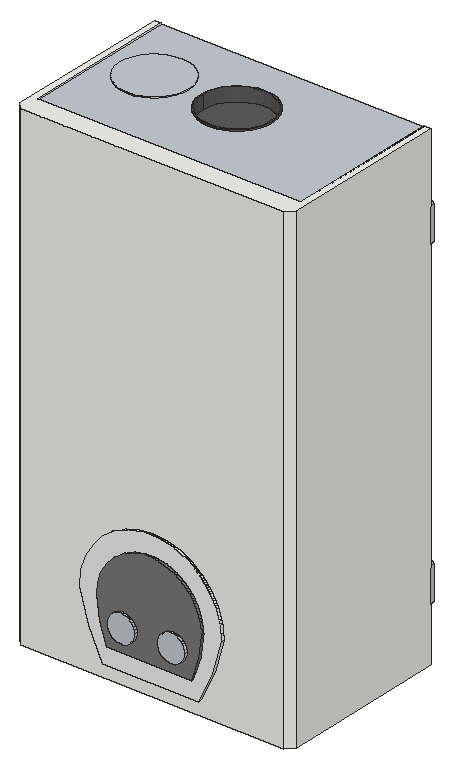
Revit family "Котел газовый настенный_Eco Light_FedericaBugatti_R20", category Оборудование, Revit 2020
Family settings
  Размер круглого соединителя = Использовать диаметр
  Классификация = Нет
  Тип детали = Нормальный
  На основе рабочей плоскости = Нет
  Всегда вертикально = Да
  При загрузке вырезать с полостями = Нет
  Общий = Нет
  Точка расчета площади = Да
Parameters (values of type "EcoLightДвухконтурный_12")
  ПанельУправления_Толщина = 10 mm
  Материал_Крепление_Настенное = ADSK_Металл_Сталь нержавеющая
  Материал_Дымоход = ADSK_Металл_Окрашенный_Черный темный
  Материал_Дисплей_Контур = ADSK_Полимеры_Пластик белый
  Материал_Дисплей = ADSK_Полимеры_Пластик черный
  Патрубки_Высота = 10 mm  # constant formula
  Отметка по умолчанию = 0 mm
  Материал_Патрубки = ADSK_Металл_Сталь оцинкованная
  Материал_Корпус = ADSK_Металл_Сталь оцинкованная
  Материал_ВнешняяСтенка = RAL 9010 Белый
  Крепление_Толщина [instance] = 5 mm
  Крепление_Видимость [instance] = Крепление_Толщина > 0.9 mm  # yes
  Дымоход_Высота2 = 0 mm
  L8 = 255 mm
  Котел_Отступ_От_Стены [instance] = if(Крепление_Толщина < 1 mm, 0 mm, Крепление_Толщина)  # 5 mm
  Дымоход_Диаметр_100 [instance] = yes
  Дымоход_Диаметр [instance] = ADSK_Размер_Диаметр + 3 mm  # 103 mm
  L6 = 95 mm
  L5 = 75 mm
  L4 = 55 mm
  L3 = 65 mm
  L2 = 65 mm
  L12 = 100 mm
  L11 = 75 mm
  L10 = 200 mm
  L1 = 48 mm
  ADSK_Расход жидкости [instance] = 0.0 L/s
  ADSK_Размер_Ширина = L8 + ПанельУправления_Толщина  # 265 mm
  ADSK_Размер_Диаметр [instance] = if(Дымоход_Диаметр_100, 100 mm, 60 mm)  # 100 mm
  ADSK_Размер_Глубина = L1 + L2 + L3 + L4 + L5 + L6  # 403 mm
  ADSK_Размер_Высота = 700 mm
  ADSK_Примечание [instance] = ""
  ADSK_Полная мощность = ADSK_Номинальная мощность / ADSK_Коэффициент мощности  # 12000 VA
  ADSK_Позиция [instance] = ""
  ADSK_Обозначение = ""
  ADSK_Номинальная мощность = 12000 W
  ADSK_Напряжение = 230 V  # constant formula
  ADSK_Наименование = "Котел газовый настенный двухконтурный Eco Light 12кВт"
  ADSK_Масса_Текст = "26"
  ADSK_Масса = 26
  ADSK_Марка = "Eco Light 12кВт"
  ADSK_Коэффициент мощности = 1  # constant formula
  ADSK_Количество фаз = 1
  ADSK_Количество = 1  # constant formula
  ADSK_Код изделия = ""
  ADSK_Классификация нагрузок = Прочее
  ADSK_Завод-изготовитель = "Federica Bugatti"  # constant formula
  ADSK_Единица измерения = "шт"  # constant formula
Types (7, lengths in mm): name | ПанельУправления_Толщина | Крепление_Толщина | Дымоход_Высота2 | L8 | Котел_Отступ_От_Стены | L6 | L4 | L3 | L12 | L11 | L10 | L1 | ADSK_Размер_Ширина | ADSK_Размер_Глубина | ADSK_Размер_Высота | ADSK_Полная мощность | ADSK_Номинальная мощность | ADSK_Наименование | ADSK_Масса_Текст | ADSK_Масса | ADSK_Марка
  (no name) | 10 | 5 | 0 | 255 | 5 | 95 | 55 | 65 | 100 | 75 | 200 | 48 | 265 | 403 | 700 | 12000 VA | 12000 W | "Котел газовый настенный двухконтурный Eco Light 12кВт" | "26" | 26 | "Eco Light 12кВт"
  EcoLightДвухконтурный_12 | 10 | 5 | 0 | 255 | 5 | 95 | 55 | 65 | 100 | 75 | 200 | 48 | 265 | 403 | 700 | 12000 VA | 12000 W | "Котел газовый настенный двухконтурный Eco Light 12кВт" | "26" | 26 | "Eco Light 12кВт"
  EcoLightДвухконтурный_18 | 10 | 10 | 0 | 255 | 10 | 95 | 55 | 65 | 100 | 75 | 200 | 48 | 265 | 403 | 700 | 18000 VA | 18000 W | "Котел газовый настенный двухконтурный Eco Light 18кВт" | "29" | 29 | "Eco Light 18кВт"
  EcoLightДвухконтурный_24 | 10 | 10 | 0 | 255 | 10 | 95 | 55 | 65 | 100 | 75 | 200 | 48 | 265 | 403 | 700 | 24000 VA | 24000 W | "Котел газовый настенный двухконтурный Eco Light 24кВт" | "29" | 29 | "Eco Light 24кВт"
  EcoLightДвухконтурный_32 | 6 | 10 | 5 | 344 | 10 | 63 | 59 | 61 | 145 | 137 | 226 | 127 | 350 | 450 | 725 | 32000 VA | 32000 W | "Котел газовый настенный двухконтурный Eco Light 32кВт" | "33" | 33 | "Eco Light 32кВт"
  EcoLightОдноконтурный_24 | 10 | 10 | 0 | 255 | 10 | 95 | 55 | 65 | 100 | 75 | 200 | 48 | 265 | 403 | 700 | 24000 VA | 24000 W | "Котел газовый настенный одноконтурный Eco Light 24кВт" | "29" | 29 | "Eco Light 24кВт"
  EcoLightОдноконтурный_32 | 6 | 10 | 5 | 344 | 10 | 63 | 59 | 61 | 145 | 137 | 226 | 127 | 350 | 450 | 725 | 32000 VA | 32000 W | "Котел газовый настенный одноконтурный Eco Light 32кВт" | "33" | 33 | "Eco Light 32кВт"
Reference planes
  plane 1 "По центру (Вперед/Назад)": y = 0
  plane 2: z = 0
  plane 3 "По центру (Влево/Вправо)": x = 0
  plane 4: y = -5
  plane 5: x = -201.5
  plane 6: x = 201.5
  plane 7: z = 710
  plane 8: z = 610
  plane 9: z = 10
  plane 10: y = -137.167
  plane 11: y = -260
  plane 12: z = 690
  plane 13: x = -191.5
  plane 14: x = 191.5
  plane 15: z = 30
  plane 16: y = -263.333
  plane 17: y = -230
  plane 18: z = 709
  plane 19: z = 685
  plane 20: z = 110
  plane 21: y = -105
  plane 22: x = -121.5
  plane 23: x = -1.5
  plane 24: y = -270
  plane 25: y = -93.4
  plane 26: x = -153.5
  plane 27: x = -88.5
  plane 28: x = -23.5
  plane 29: x = 31.5
  plane 30: x = 106.5
  plane 31: y = -80
  plane 32: y = -266.667
  plane 33: z = 710
Forms (mm)
  Extrusion 1, void
    sketch origin (0, 0, 0) x (1, 0, 0) y (0, 1, 0)
      loop
        circle (-1.5, -105) r 50
    from 690 to 710
  Extrusion 2, solid, material "RAL 9010 Белый" <- "Материал_ВнешняяСтенка"
    sketch origin (0, 0, 0) x (1, 0, 0) y (0, 1, 0)
      loop
        line (-191.5, -260) -> (191.5, -260) -> (201.5, -250) -> (201.5, -5) -> (191.5, -5) -> (191.5, -230) -> (-191.5, -230) -> (-191.5, -5) -> (-201.5, -5) -> (-201.5, -250) -> (-191.5, -260)
    from 10 to 710
  Extrusion 3, solid, material "ADSK_Полимеры_Пластик белый" <- "Материал_Дисплей_Контур"
    sketch origin (0, 0, 0) x (1, 0, 0) y (0, 0, 1)
      loop
        line (-70, 30) -> (70, 30)
        arc (70, 30) -> (90.664, 73.552) -> (103.561, 120) r 280.33
        arc (103.561, 120) -> (0, 223.561) -> (-103.561, 120) r 103.561
        arc (-103.561, 120) -> (-90.664, 73.552) -> (-70, 30) r 280.33
    from 260 to 263.333
  Extrusion 4, solid, material "ADSK_Полимеры_Пластик черный" <- "Материал_Дисплей"
    sketch origin (0, 0, 0) x (1, 0, 0) y (0, 0, 1)
      loop
        line (-61.686, 55.9) -> (61.686, 55.9)
        arc (61.686, 55.9) -> (72.172, 87.237) -> (76.479, 120) r 172.207
        arc (76.479, 120) -> (0, 196.479) -> (-76.479, 120) r 76.479
        arc (-76.479, 120) -> (-72.172, 87.237) -> (-61.686, 55.9) r 172.207
    from 263.333 to 266.667
  Extrusion 5, solid, material "ADSK_Металл_Сталь оцинкованная" <- "Материал_Корпус"
    sketch origin (0, 0, 0) x (1, 0, 0) y (0, 1, 0)
      loop
        line (-191.5, -5) -> (-191.5, -230) -> (191.5, -230) -> (191.5, -5) -> (-191.5, -5)
    from 10 to 709
  Extrusion 6, solid, material "ADSK_Металл_Окрашенный_Черный темный" <- "Материал_Дымоход"
    sketch origin (0, 0, 0) x (1, 0, 0) y (0, 1, 0)
      loop
        circle (-1.5, -105) r 51.5
    from 685 to 710
  Extrusion 7, void
    sketch origin (45, 0, 0) x (1, 0, 0) y (0, 1, 0)
      loop
        circle (-46.5, -105) r 51.5
    from 685 to 826.9
  Extrusion 8, solid, material "ADSK_Металл_Сталь оцинкованная" <- "Материал_Корпус"
    sketch origin (0, 0, 0) x (1, 0, 0) y (0, 0, 1)
      loop
        circle (0, 110) r 1.5
    from 5 to 8
  Extrusion 9, solid, material "ADSK_Металл_Сталь оцинкованная" <- "Материал_Корпус"
    sketch origin (0, 0, 0) x (1, 0, 0) y (0, 1, 0)
      loop
        circle (-121.5, -105) r 50
    from 709 to 710
  Extrusion 10, solid, material "ADSK_Металл_Сталь оцинкованная" <- "Материал_Корпус"
    sketch origin (0, 0, 0) x (1, 0, 0) y (0, 0, 1)
      loop
        circle (-38, 90) r 20
      loop
        circle (35, 90) r 20
    from 270 to 266.667
  Extrusion 11, solid, material "ADSK_Металл_Сталь оцинкованная" <- "Материал_Патрубки"
    sketch origin (0, 0, 0) x (1, 0, 0) y (0, 1, 0)
      loop
        circle (-153.5, -93.4) r 13.4
      loop
        circle (-88.5, -93.4) r 10.65
      loop
        circle (-23.5, -93.4) r 13.4
      loop
        circle (31.5, -93.4) r 10.65
      loop
        circle (106.5, -93.4) r 13.4
      loop
        circle (51.5, -93.4) r 5
    from 0 to 10
Cuts and joins
  Extrusion 1 cuts Extrusion 2
  Extrusion 7 cuts Extrusion 5
  Extrusion 1 cuts Extrusion 6
Dimensions and locks
  equal spacing: plane 5, plane 3 "По центру (Влево/Вправо)", plane 6
  "ADSK_Размер_Глубина": plane 5 to plane 6
  "Патрубки_Высота": plane 9 to plane 2
  plane 4 to plane 10 = 132.167 mm
  "Котел_Отступ_От_Стены": plane 4 to plane 1 "По центру (Вперед/Назад)"
  locked: plane 7 to plane 12 at 20
  locked: plane 5 to plane 13 at 10
  locked: plane 14 to plane 6 at 10
  locked: plane 5 to Extrusion 2 sketch curve at 10
  locked: Extrusion 2 sketch curve to plane 6 at 10
  locked: plane 11 to Extrusion 2 sketch curve at 10  (x2)
  locked: plane 15 to plane 9 at 20
  locked: plane 11 to plane 17 at 30
  plane 7 to plane 18 = 1 mm
  locked: plane 18 to plane 12 at 19
  locked: plane 12 to plane 19 at 5
  "L8": plane 4 to plane 11
  plane 20 to plane 9 = 100 mm
  locked: plane 20 to plane 9 at 100
  locked: plane 13 to plane 22 at 70
  "L12": plane 4 to plane 21
  "L10": plane 5 to plane 23
  locked: Extrusion 10 sketch curve to Extrusion 4 at 34.1  (x2)
  locked: plane 23 to Extrusion 10 sketch curve at 36.5
  locked: Extrusion 10 sketch curve to plane 23 at 36.5
  "L1": plane 5 to plane 26
  "L2": plane 26 to plane 27
  "L3": plane 27 to plane 28
  "L4": plane 28 to plane 29
  "L5": plane 29 to plane 30
  plane 30 to plane 6 = 95 mm
  locked: plane 29 to Extrusion 11 sketch curve at 20
  locked: plane 25 to plane 31 at 13.4
  "L11": plane 4 to plane 31
  locked: plane 4 to Extrusion 8 at 3
  "ADSK_Размер_Высота": plane 7 to plane 9
  locked: plane 7 to plane 8 at 100
  "ADSK_Размер_Ширина": plane 4 to plane 24
  equal spacing: plane 11, plane 16, plane 32, plane 24
  "Дымоход_Высота2": plane 33 to plane 7
  "ADSK_Размер_Диаметр": diameter of Extrusion 1 sketch curve
  "Дымоход_Диаметр": diameter of Extrusion 6 sketch curve
  "Дымоход_Диаметр": diameter of Extrusion 7 sketch curve
  diameter of Extrusion 8 sketch curve = 3 mm
  diameter of Extrusion 11 sketch curve = 26.8 mm  (x3)
  diameter of Extrusion 11 sketch curve = 21.3 mm  (x2)
  diameter of Extrusion 11 sketch curve = 10 mm
  aligned and locked: level to plane 2
  aligned and locked: Extrusion 2 sketch curve to plane 5
  aligned and locked: Extrusion 2 sketch curve to plane 6
  aligned and locked: plane 11 to Extrusion 2 sketch curve
  aligned and locked: plane 7 to Extrusion 2
  aligned and locked: Extrusion 2 to plane 9
  aligned and locked: plane 12 to Extrusion 1
  aligned and locked: plane 15 to Extrusion 3 sketch curve
  aligned and locked: Extrusion 3 to plane 11
  aligned and locked: Extrusion 3 to plane 16
  aligned and locked: plane 13 to Extrusion 2 sketch curve
  aligned and locked: Extrusion 2 sketch curve to plane 14
  aligned and locked: plane 17 to Extrusion 2 sketch curve
  aligned and locked: Extrusion 2 sketch curve to plane 4
  aligned and locked: plane 4 to Extrusion 2 sketch curve
  aligned and locked: Extrusion 5 sketch curve to plane 13
  aligned and locked: Extrusion 5 sketch curve to plane 4
  aligned and locked: Extrusion 5 sketch curve to plane 14
  aligned and locked: Extrusion 5 sketch curve to plane 17
  aligned and locked: Extrusion 5 to plane 9
  aligned and locked: Extrusion 5 to plane 18
  aligned and locked: plane 12 to cut or joined group of Extrusion 1, Extrusion 6  (x4)
  aligned and locked: cut or joined group of Extrusion 5, Extrusion 7 to plane 18
  aligned and locked: cut or joined group of Extrusion 1, Extrusion 6 to plane 19
  aligned and locked: cut or joined group of Extrusion 5, Extrusion 7 to plane 19
  aligned and locked: plane 8 to nested 1
  aligned and locked: nested 1 to plane 3 "По центру (Влево/Вправо)"
  aligned and locked: plane 20 to Extrusion 8 sketch curve
  aligned and locked: plane 3 "По центру (Влево/Вправо)" to Extrusion 8 sketch curve
  aligned and locked: plane 4 to Extrusion 8
  aligned and locked: plane 21 to Extrusion 7 sketch curve
  aligned and locked: plane 21 to Extrusion 6 sketch curve
  aligned and locked: plane 21 to Extrusion 1 sketch curve
  aligned and locked: plane 21 to Extrusion 9 sketch curve
  aligned and locked: plane 22 to Extrusion 9 sketch curve
  aligned and locked: plane 18 to Extrusion 9
  aligned and locked: plane 7 to Extrusion 9
  aligned and locked: plane 23 to Extrusion 7 sketch curve
  aligned and locked: plane 23 to Extrusion 6 sketch curve
  aligned and locked: plane 23 to Extrusion 1 sketch curve
  aligned and locked: plane 25 to Extrusion 11 sketch curve  (x6)
  aligned and locked: plane 30 to Extrusion 11 sketch curve
  aligned and locked: plane 29 to Extrusion 11 sketch curve
  aligned and locked: plane 28 to Extrusion 11 sketch curve
  aligned and locked: plane 27 to Extrusion 11 sketch curve
  aligned and locked: plane 26 to Extrusion 11 sketch curve
  aligned and locked: Extrusion 11 to plane 2
  aligned and locked: plane 9 to Extrusion 11
  aligned and locked: Extrusion 10 to plane 24
  aligned and locked: plane 11 to Extrusion 3
  aligned and locked: plane 16 to Extrusion 3
  aligned and locked: plane 16 to Extrusion 4
  aligned and locked: plane 32 to Extrusion 4
  aligned and locked: Extrusion 10 to plane 32
  aligned and locked: plane 24 to Extrusion 10
  aligned and locked: cut or joined group of Extrusion 1, Extrusion 6 to plane 33
  aligned and locked: cut or joined group of Extrusion 1, Extrusion 6 to Extrusion 1
Automatic sketch dimensions
  Extrusion 4 sketch curve to plane 3 "По центру (Влево/Вправо)" = 0 mm
  Extrusion 4 sketch curve to plane 15 = 25.9 mm
  Extrusion 3 sketch curve to plane 3 "По центру (Влево/Вправо)" = 0 mm
  Extrusion 3 sketch curve to plane 13 = 19.503 mm
  plane 3 "По центру (Влево/Вправо)" to Extrusion 4 sketch curve = 61.686 mm
  Extrusion 4 sketch curve to plane 14 = 95.875 mm
  Extrusion 3 sketch curve to plane 3 "По центру (Влево/Вправо)" = 70 mm
  Extrusion 4 sketch curve to plane 3 "По центру (Влево/Вправо)" = 61.686 mm
  plane 3 "По центру (Влево/Вправо)" to Extrusion 3 sketch curve = 70 mm
  plane 20 to Extrusion 3 sketch curve = 10 mm
  plane 20 to Extrusion 4 sketch curve = 15.959 mm
  Extrusion 4 sketch curve to plane 13 = 95.875 mm
  plane 20 to Extrusion 4 sketch curve = 10 mm
  Extrusion 3 sketch curve to plane 14 = 19.503 mm
  plane 20 to Extrusion 3 sketch curve = 61.499 mm
  radius of Extrusion 9 sketch curve = 50 mm
  radius of Extrusion 10 sketch curve = 20 mm  (x2)
Nested families
  nested 1: "Крепление настенное_R20" at (0, -5, 610) x (-1, 0, 0) z (0, 1, 0), ADSK_Материал <- "Материал_Крепление_Настенное", Крепление_Ширина <- "ADSK_Размер_Глубина", Крепление_Толщина <- "Крепление_Толщина", visible <- "Крепление_Видимость", type "Крепление"
    with Крепление_Ширина 403 mm, Крепление_Толщина2 5 mm, Крепление_Толщина 5 mm, ADSK_Материал ADSK_Металл_Сталь нержавеющая
Connectors
  piping at (-1.5, -105, 710), diameter 100, driven by "ADSK_Размер_Диаметр"
    settings: on Extrusion 1, index 8, connector inside diameter 609.6 mm, connector length 0 mm, flow factor 0, pipe flow 0.0 L/s, pressure drop 0.0 Pa, fitting loss kfactor 0, connector angle 0.00°, fixture units 0, engagement length 0 mm, angle of deflection 0.00°, flow configuration 0, flow direction 2, fitting loss method 0, system type 22, joint type 0, gender type 0, connector reference index -1, connector utility 0, adjustable connector no, is connector primary no, connector description "Дымоход"
  electrical at (0, -5, 110), driven by "ADSK_Напряжение", driven by "ADSK_Классификация нагрузок", driven by "ADSK_Полная мощность", driven by "ADSK_Коэффициент мощности", driven by "ADSK_Количество фаз"
    settings: on Extrusion 8, index 9, voltage 230 V, apparent load 12000 VA, apparent load phase1 0 VA, apparent load phase2 0 VA, apparent load phase3 0 VA, power factor 1, load classification "Прочее", number of poles 1, system type 30, power factor state 1, is connector primary yes, connector utility no, sub classification motor no, connector description ""
  piping at (-153.5, -93.4, 0), diameter 20
    settings: on Extrusion 11, index 10, connector inside diameter 609.6 mm, connector length 0 mm, flow factor 0, pipe flow 0.0 L/s, pressure drop 0.0 Pa, fitting loss kfactor 0, connector angle 0.00°, fixture units 0, engagement length 0 mm, angle of deflection 0.00°, flow configuration 0, flow direction 2, fitting loss method 0, system type 29, joint type 0, gender type 0, connector reference index 15, connector utility 0, adjustable connector no, is connector primary no, connector description "Выход подающей линии отопления"
  piping at (-88.5, -93.4, 0), diameter 15, driven by "ADSK_Расход жидкости"
    settings: on Extrusion 11, index 11, connector inside diameter 609.6 mm, connector length 0 mm, flow factor 0, pipe flow 0.0 L/s, pressure drop 0.0 Pa, fitting loss kfactor 0, connector angle 0.00°, fixture units 0, engagement length 0 mm, angle of deflection 0.00°, flow configuration 0, flow direction 2, fitting loss method 0, system type 29, joint type 0, gender type 0, connector reference index 13, connector utility 0, adjustable connector no, is connector primary no, connector description "Выход подающей линии на бойлер / Выход ГВС"
  piping at (-23.5, -93.4, 0), diameter 20
    settings: on Extrusion 11, index 12, connector inside diameter 609.6 mm, connector length 0 mm, flow factor 0, pipe flow 0.0 L/s, pressure drop 0.0 Pa, fitting loss kfactor 0, connector angle 0.00°, fixture units 0, engagement length 0 mm, angle of deflection 0.00°, flow configuration 0, flow direction 1, fitting loss method 0, system type 29, joint type 0, gender type 0, connector reference index -1, connector utility 0, adjustable connector no, is connector primary no, connector description "Вход газа"
  piping at (31.5, -93.4, 0), diameter 15, driven by "ADSK_Расход жидкости"
    settings: on Extrusion 11, index 13, connector inside diameter 609.6 mm, connector length 0 mm, flow factor 0, pipe flow 0.0 L/s, pressure drop 0.0 Pa, fitting loss kfactor 0, connector angle 0.00°, fixture units 0, engagement length 0 mm, angle of deflection 0.00°, flow configuration 0, flow direction 1, fitting loss method 0, system type 29, joint type 0, gender type 0, connector reference index 11, connector utility 0, adjustable connector no, is connector primary yes, connector description "Вход обратной линии от бойлера / Вход ХВС"
  piping at (106.5, -93.4, 0), diameter 20
    settings: on Extrusion 11, index 15, connector inside diameter 609.6 mm, connector length 0 mm, flow factor 0, pipe flow 0.0 L/s, pressure drop 0.0 Pa, fitting loss kfactor 0, connector angle 0.00°, fixture units 0, engagement length 0 mm, angle of deflection 0.00°, flow configuration 0, flow direction 1, fitting loss method 0, system type 29, joint type 0, gender type 0, connector reference index 10, connector utility 0, adjustable connector no, is connector primary no, connector description "Вход обратной линии отопления"
Definition of nested family "Крепление настенное_R20"
  Parameters (values of type "Крепление")
    Default Elevation = 1219.2 mm
    Крепление_Ширина [instance] = 400 mm
    Крепление_Толщина2 [instance] = if(Крепление_Толщина < 1 mm, 1 mm, Крепление_Толщина)  # 10 mm
    Крепление_Толщина [instance] = 10 mm
    ADSK_Материал [instance] = none
  Reference planes
    plane 1 "По центру (Вперед/Назад)": y = 0
    plane 2: z = 0
    plane 3 "По центру (Влево/Вправо)": x = 0
    plane 4: z = 10
    plane 5: x = 190
    plane 6: x = -190
    plane 7: y = -550
    plane 8: y = 50
    plane 9: x = -200
    plane 10: x = 200
    plane 11: y = 15
    plane 12: y = -15
    plane 13: x = -160
    plane 14: x = 160
    plane 15: y = -50
    plane 16: y = -470
    plane 17: y = -520
    plane 18: x = -175
    plane 19: x = 175
  Forms (mm)
    Extrusion 1, solid
      sketch origin (0, 0, 0) x (1, 0, 0) y (0, 1, 0)
        loop
          line (-1219.2, 1219.2) -> (-1219.2, -1219.2) -> (1219.2, -1219.2) -> (1219.2, 1219.2) -> (-1219.2, 1219.2)
      from 0 to -304.8
    Extrusion 2, solid, material <- "ADSK_Материал"
      sketch origin (0, 0, 0) x (1, 0, 0) y (0, 1, 0)
        loop
          line (-160, 50) -> (-190, 50) -> (-190, 10) -> (-200, 0) -> (-200, -50) -> (-190, -60) -> (-190, -460) -> (-200, -470) -> (-200, -520) -> (-190, -530) -> (-190, -550) -> (-160, -550) -> (-160, -15) -> (160, -15) -> (160, -550) -> (190, -550) -> (190, -530) -> (200, -520) -> (200, -470) -> (190, -460) -> (190, -60) -> (200, -50) -> (200, 0) -> (190, 10) -> (190, 50) -> (160, 50) -> (160, 15) -> (-160, 15) -> (-160, 50)
        loop
          arc (-178, -515.04) -> (-175, -518.04) -> (-172, -515.04) r 3
          line (-172, -515.04) -> (-172, -474.96)
          arc (-172, -474.96) -> (-175, -471.96) -> (-178, -474.96) r 3
          line (-178, -474.96) -> (-178, -515.04)
        loop
          line (178, -515.04) -> (178, -474.96)
          arc (178, -474.96) -> (175, -471.96) -> (172, -474.96) r 3
          line (172, -474.96) -> (172, -515.04)
          arc (172, -515.04) -> (175, -518.04) -> (178, -515.04) r 3
        loop
          line (-178, -4.96) -> (-178, -45.04)
          arc (-178, -45.04) -> (-175, -48.04) -> (-172, -45.04) r 3
          line (-172, -45.04) -> (-172, -4.96)
          arc (-172, -4.96) -> (-175, -1.96) -> (-178, -4.96) r 3
        loop
          arc (178, -4.96) -> (175, -1.96) -> (172, -4.96) r 3
          line (172, -4.96) -> (172, -45.04)
          arc (172, -45.04) -> (175, -48.04) -> (178, -45.04) r 3
          line (178, -45.04) -> (178, -4.96)
        loop
          arc (-143.091, 3) -> (-146.091, 0) -> (-143.091, -3) r 3
          line (-143.091, -3) -> (-120.328, -3)
          arc (-120.328, -3) -> (-117.328, 0) -> (-120.328, 3) r 3
          line (-120.328, 3) -> (-143.091, 3)
        loop
          line (143.091, 3) -> (120.328, 3)
          arc (120.328, 3) -> (117.328, 0) -> (120.328, -3) r 3
          line (120.328, -3) -> (143.091, -3)
          arc (143.091, -3) -> (146.091, 0) -> (143.091, 3) r 3
      from 0 to 10
  Dimensions and locks
    equal spacing: plane 9, plane 3 "По центру (Влево/Вправо)", plane 10
    "Крепление_Ширина": plane 9 to plane 10
    plane 7 to plane 1 "По центру (Вперед/Назад)" to plane 8 = 550 mm locked, 50 mm locked
    equal spacing: plane 11, plane 1 "По центру (Вперед/Назад)", plane 12
    locked: plane 9 to plane 6 at 10
    locked: plane 6 to plane 13 at 30
    locked: plane 5 to plane 10 at 10
    locked: plane 14 to plane 5 at 30
    locked: plane 11 to plane 12 at 30
    locked: plane 17 to plane 7 at 30
    locked: plane 16 to plane 17 at 50
    locked: plane 1 "По центру (Вперед/Назад)" to plane 15 at 50
    equal spacing: plane 14, plane 19, plane 5
    equal spacing: plane 6, plane 18, plane 13
    "Крепление_Толщина2": plane 4 to plane 2
    aligned and locked: plane 2 to Extrusion 1
    aligned and locked: level to Extrusion 1
    aligned and locked: Extrusion 2 sketch curve to plane 8
    aligned and locked: plane 8 to Extrusion 2 sketch curve
    aligned and locked: Extrusion 2 sketch curve to plane 5  (x3)
    aligned and locked: Extrusion 2 sketch curve to plane 6  (x3)
    aligned and locked: Extrusion 2 sketch curve to plane 11
    aligned and locked: plane 12 to Extrusion 2 sketch curve
    aligned and locked: Extrusion 2 sketch curve to plane 10
    aligned and locked: plane 14 to Extrusion 2 sketch curve
    aligned and locked: plane 7 to Extrusion 2 sketch curve
    aligned and locked: Extrusion 2 sketch curve to plane 7
    aligned and locked: Extrusion 2 sketch curve to plane 13
    aligned and locked: plane 13 to Extrusion 2 sketch curve
    aligned and locked: Extrusion 2 sketch curve to plane 14
    aligned and locked: Extrusion 2 sketch curve to plane 9
    aligned and locked: plane 10 to Extrusion 2 sketch curve
    aligned and locked: plane 9 to Extrusion 2 sketch curve
    aligned and locked: Extrusion 2 to plane 4
  Automatic sketch dimensions
    Extrusion 1 sketch curve to Extrusion 1 sketch curve = 2438.4 mm  (x2)
    Extrusion 2 sketch curve to plane 18 = 0 mm  (x2)
    plane 1 "По центру (Вперед/Назад)" to Extrusion 2 sketch curve = 0 mm  (x4)
    Extrusion 2 sketch curve to plane 19 = 0 mm  (x2)
    Extrusion 2 sketch curve to plane 17 = 0 mm  (x2)
    plane 16 to Extrusion 2 sketch curve = 0 mm  (x2)
    Extrusion 2 sketch curve to plane 15 = 0 mm  (x2)
    Extrusion 2 sketch curve to plane 18 = 3 mm
    Extrusion 2 sketch curve to Extrusion 2 sketch curve = 3 mm  (x3)
    plane 1 "По центру (Вперед/Назад)" to Extrusion 2 sketch curve = 3 mm
    Extrusion 2 sketch curve to plane 13 = 16.909 mm
    Extrusion 2 sketch curve to Extrusion 2 sketch curve = 22.763 mm
    Extrusion 2 sketch curve to plane 14 = 39.672 mm
    Extrusion 2 sketch curve to plane 1 "По центру (Вперед/Назад)" = 3 mm
    Extrusion 2 sketch curve to plane 14 = 16.909 mm
    Extrusion 2 sketch curve to plane 17 = 10 mm  (x2)
    plane 17 to Extrusion 2 sketch curve = 4.96 mm  (x2)
    plane 16 to Extrusion 2 sketch curve = 4.96 mm  (x2)
    Extrusion 2 sketch curve to plane 16 = 10 mm  (x2)
    Extrusion 2 sketch curve to plane 15 = 10 mm  (x2)
    plane 15 to Extrusion 2 sketch curve = 4.96 mm  (x2)
    plane 1 "По центру (Вперед/Назад)" to Extrusion 2 sketch curve = 4.96 mm  (x2)
    Extrusion 2 sketch curve to plane 11 = 5 mm  (x2)
